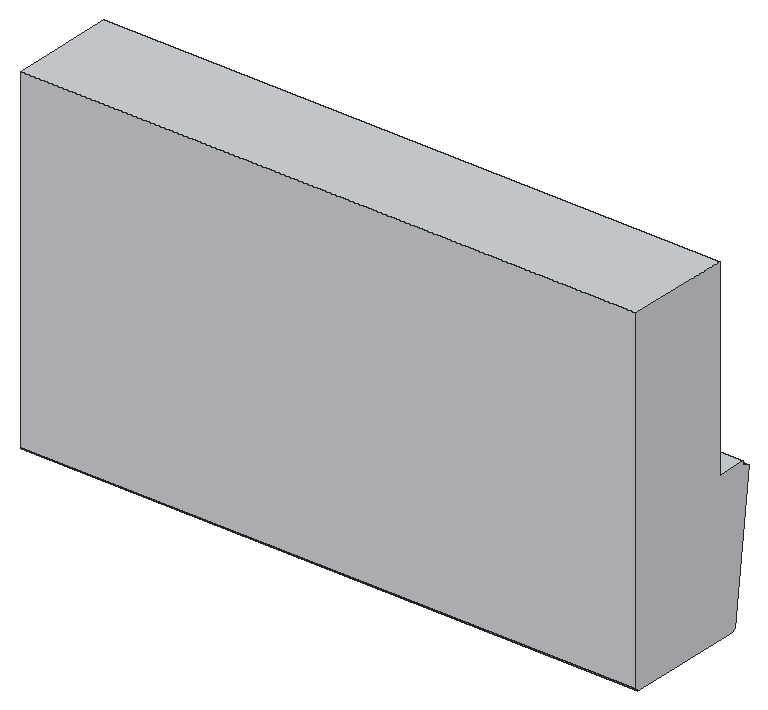
Revit family "KBBE d=600_Precast-Console Beam_Spæncom", category Structural Framing, Revit 2014
Parameters (values of type "KBBE 138/78 (150mm hylde)")
  Structural Material [instance] = none
  Model = "KBBE"
  Manufacturer = "Spæncom"
  Length [instance] = 3000 mm
  Height element = 1380 mm  # constant formula
  Height (bjælkekroppen) = 780 mm  # constant formula
  Width (bjælkekroppen) = 425 mm
  Height console = 600 mm  # constant formula
  Width console = 150 mm
  Base width = 500 mm  # constant formula
Types (3, lengths in mm): name | Width (bjælkekroppen) | Width console
  (no name) | 425 | 150
  KBBE 138/78 (150mm hylde) | 425 | 150
  KBBE 138/78 (200mm hylde) | 375 | 200
Reference planes
  plane 1 "Center (Front/Back)": y = 0
  plane 2 "Center Elevation": z = 0
  plane 3 "Center (Left/Right)": x = 0
  plane 4 "Left": x = -1500
  plane 5 "Member Left": x = -1250
  plane 6 "Stick Symbol Left": x = -1000
  plane 7 "Right": x = 1500
  plane 8 "Member Right": x = 1250
  plane 9 "Stick Symbol Right": x = 1000
  plane 10: through (0, 321.875, 574.999) normal (0, -0.9923, 0.124)
  plane 11: z = 600
  plane 12: z = 600
  plane 13: through (0, 321.875, 574.999) normal (0, -0.9923, 0.124)
Forms (mm)
  Extrusion 1, solid, material <- "Structural Material"
    sketch origin (-1500, 0, 0) x (0, -1, 0) y (0, 0, 1)
      loop
        line (250, 1380) -> (-175, 1380) -> (-175, 600) -> (-294.999, 600) -> (-294.999, 590) -> (-321.875, 574.999) -> (-251.24, 9.923) -> (-240, 0) -> (240, 0) -> (250, 10) -> (250, 1380)
    from -2750 to -250
Dimensions and locks
  equal spacing: plane 4 "Left", plane 3 "Center (Left/Right)", plane 7 "Right"
  "Length": plane 4 "Left" to plane 7 "Right"
  "Height console": plane 11 to plane 2 "Center Elevation"
  "Height (bjælkekroppen)": plane 11 to Extrusion 1
  "Base width": plane 10 to Extrusion 1
  "Height element": Extrusion 1 to Extrusion 1
  "Width (bjælkekroppen)": Extrusion 1 to Extrusion 1
  "Width console": plane 11 to Extrusion 1
  "Width console": plane 11 to Extrusion 1 sketch curve
  locked: plane 11 to Extrusion 1 sketch curve at 30.001
  aligned and locked: level to plane 2 "Center Elevation"
  aligned and locked: Extrusion 1 to plane 8 "Member Right"
  aligned and locked: plane 5 "Member Left" to Extrusion 1
  aligned and locked: Extrusion 1 to plane 11
  aligned and locked: Extrusion 1 to plane 10
  aligned and locked: Extrusion 1 sketch curve to plane 11
  aligned and locked: Extrusion 1 sketch curve to plane 10
Automatic sketch dimensions
  Extrusion 1 sketch curve to level = 0 mm
  Extrusion 1 sketch curve to plane 1 "Center (Front/Back)" = 240 mm
  level to Extrusion 1 sketch curve = 9.923 mm
  plane 1 "Center (Front/Back)" to Extrusion 1 sketch curve = 240 mm
  level to Extrusion 1 sketch curve = 10 mm
  Extrusion 1 sketch curve to Extrusion 1 sketch curve = 10 mm
  Extrusion 1 sketch curve to plane 11 = 780 mm
  plane 11 to Extrusion 1 sketch curve = 10 mm
  plane 11 to Extrusion 1 sketch curve = 25.001 mm
